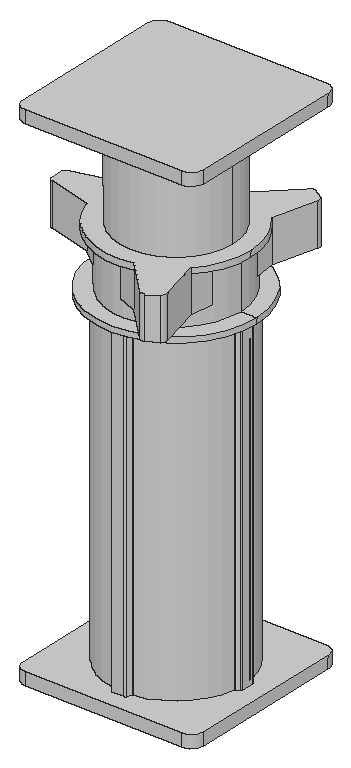
Revit family "EHL_ALUPROP SPINDLE_2220200", category Generic Models, Revit 2018
Family settings
  Can host rebar = No
  Round Connector Dimension = Use Diameter
  Part Type = Normal
  OmniClass Number = 35.51.14.00
  OmniClass Title = FORMWORK
  Work Plane-Based = Yes
  Always vertical = No
  Cut with Voids When Loaded = No
  Shared = Yes
  Room Calculation Point = No
Parameters
  VERSION = "20170217"  # constant formula
  URL = "www.ulmaconstruction.com/en"
  UNICLASS = ""
  Manufacturer = "ULMA CONSTRUCTION"  # constant formula
  ITEM_HEIGHT [instance] = if(HEIGHT < 356.000 mm, 365.000 mm, if(HEIGHT < 508.000 mm, HEIGHT, 508.000 mm))  # 430.000 mm
  ITEM_CODE = "2220200"
  HEIGHT [instance] = 430.000 mm
  FILTER [instance] = ""
  Default Elevation = 0.000 mm
  CLASSIFICATION_TITLE = ""
  CLASSIFICATION_NUMBER = ""
Reference planes
  plane 1 "Centro (Frontal/Posterior)": y = 0
  plane 2: z = 0
  plane 3 "Centro (Izquierda/Derecha)": x = 0
  plane 4: z = 85
  plane 5 "ITEM_HEIGHT": z = 430
  plane 6 "HEIGHT": z = 430
Forms (mm)
  Extrusion 1, solid, material "ULMA ZINC"
    sketch origin (0, 0, 0) x (1, 0, 0) y (0, 1, 0)
      loop
        arc (55.325, 8.668) -> (39.598, 39.598) -> (8.668, 55.325) r 56
        arc (8.668, 55.325) -> (8.221, 55.514) -> (7.916, 55.89) r 1
        line (7.916, 55.89) -> (6.404, 59.134)
        arc (6.404, 59.134) -> (5.85, 59.765) -> (5.044, 60) r 1.5
        line (5.044, 60) -> (-5.044, 60)
        arc (-5.044, 60) -> (-5.85, 59.765) -> (-6.404, 59.134) r 1.5
        line (-6.404, 59.134) -> (-7.916, 55.89)
        arc (-7.916, 55.89) -> (-8.221, 55.514) -> (-8.668, 55.325) r 1
        arc (-8.668, 55.325) -> (-39.598, 39.598) -> (-55.325, 8.668) r 56
        arc (-55.325, 8.668) -> (-55.514, 8.221) -> (-55.89, 7.916) r 1
        line (-55.89, 7.916) -> (-59.134, 6.404)
        arc (-59.134, 6.404) -> (-59.765, 5.85) -> (-60, 5.044) r 1.5
        line (-60, 5.044) -> (-60, -5.044)
        arc (-60, -5.044) -> (-59.765, -5.85) -> (-59.134, -6.404) r 1.5
        line (-59.134, -6.404) -> (-55.89, -7.916)
        arc (-55.89, -7.916) -> (-55.514, -8.221) -> (-55.325, -8.668) r 1
        arc (-55.325, -8.668) -> (-39.598, -39.598) -> (-8.668, -55.325) r 56
        arc (-8.668, -55.325) -> (-8.221, -55.514) -> (-7.916, -55.89) r 1
        line (-7.916, -55.89) -> (-6.404, -59.134)
        arc (-6.404, -59.134) -> (-5.85, -59.765) -> (-5.044, -60) r 1.5
        line (-5.044, -60) -> (5.044, -60)
        arc (5.044, -60) -> (5.85, -59.765) -> (6.404, -59.134) r 1.5
        line (6.404, -59.134) -> (7.916, -55.89)
        arc (7.916, -55.89) -> (8.221, -55.514) -> (8.668, -55.325) r 1
        arc (8.668, -55.325) -> (39.598, -39.598) -> (55.325, -8.668) r 56
        arc (55.325, -8.668) -> (55.514, -8.221) -> (55.89, -7.916) r 1
        line (55.89, -7.916) -> (59.134, -6.404)
        arc (59.134, -6.404) -> (59.765, -5.85) -> (60, -5.044) r 1.5
        line (60, -5.044) -> (60, 5.044)
        arc (60, 5.044) -> (59.765, 5.85) -> (59.134, 6.404) r 1.5
        line (59.134, 6.404) -> (55.89, 7.916)
        arc (55.89, 7.916) -> (55.514, 8.221) -> (55.325, 8.668) r 1
    from 10 to 284
  Extrusion 2, solid, material "ULMA ZINC"
    sketch origin (0, 0, 0) x (1, 0, 0) y (0, 1, 0)
      loop
        arc (-75, -65) -> (-72.071, -72.071) -> (-65, -75) r 10
        line (-65, -75) -> (65, -75)
        arc (65, -75) -> (72.071, -72.071) -> (75, -65) r 10
        line (75, -65) -> (75, 65)
        arc (75, 65) -> (72.071, 72.071) -> (65, 75) r 10
        line (65, 75) -> (-65, 75)
        arc (-65, 75) -> (-72.071, 72.071) -> (-75, 65) r 10
        line (-75, 65) -> (-75, -65)
    from 0 to 10
  Revolve 3, solid, material "ULMA ZINC", detail levels fine
    sketch origin (0, 0, 0) x (1, 0, 0) y (0, 0, 1)
      loop
        line (0, 336.998) -> (0, 284) -> (67.5, 284) -> (67.5, 288.3) -> (54, 288.3) -> (54, 332) -> (62.5, 332) -> (62.5, 336.998) -> (0, 336.998)
      axis (0, 336.998) -> (0, 284)
    angle from 0 to 360
  Extrusion 4, solid, material "ULMA ZINC", detail levels fine
    sketch origin (0, 0, 0) x (1, 0, 0) y (0, 1, 0)
      loop
        arc (-95.794, 8.993) -> (-98.072, 7.662) -> (-99.356, 5.356) r 5
        arc (-99.356, 5.356) -> (-99.5, 0) -> (-99.356, -5.356) r 99.5
        arc (-99.356, -5.356) -> (-98.072, -7.662) -> (-95.794, -8.993) r 5
        line (-95.794, -8.993) -> (-59.643, -18.68) -> (-44.612, -30.424) -> (-44.612, 30.427) -> (-59.642, 18.68) -> (-95.794, 8.993)
      loop
        line (13.645, 60.992) -> (-4.036, 53.849) -> (48.656, 23.421) -> (45.998, 42.312) -> (55.685, 78.464)
        arc (55.685, 78.464) -> (55.671, 81.102) -> (54.316, 83.367) r 5
        arc (54.316, 83.367) -> (49.75, 86.17) -> (45.04, 88.722) r 99.5
        arc (45.04, 88.722) -> (42.401, 88.764) -> (40.109, 87.457) r 5
        line (40.109, 87.457) -> (13.645, 60.992)
      loop
        line (45.999, -42.313) -> (48.656, -23.402) -> (-4.036, -53.849) -> (13.645, -60.992) -> (40.109, -87.457)
        arc (40.109, -87.457) -> (42.401, -88.764) -> (45.04, -88.722) r 5
        arc (45.04, -88.722) -> (49.75, -86.17) -> (54.316, -83.367) r 99.5
        arc (54.316, -83.367) -> (55.671, -81.102) -> (55.685, -78.464) r 5
        line (55.685, -78.464) -> (45.999, -42.313)
    from 302 to 336.998
  Extrusion 5, solid, material "ULMA ZINC"
    sketch origin (0, 0, 130) x (1, 0, 0) y (0, 1, 0)
      loop
        arc (-75, -65) -> (-72.071, -72.071) -> (-65, -75) r 10
        line (-65, -75) -> (65, -75)
        arc (65, -75) -> (72.071, -72.071) -> (75, -65) r 10
        line (75, -65) -> (75, 65)
        arc (75, 65) -> (72.071, 72.071) -> (65, 75) r 10
        line (65, 75) -> (-65, 75)
        arc (-65, 75) -> (-72.071, 72.071) -> (-75, 65) r 10
        line (-75, 65) -> (-75, -65)
    from 290 to 300
  Extrusion 6, solid, material "ULMA ZINC"
    sketch origin (0, 0, 0) x (1, 0, 0) y (0, 1, 0)
      loop
        circle (0, 0) r 47.5
    from 85 to 420
Cuts and joins
  joined: Revolve 3, Extrusion 4
Lines and regions (mm)
  model lines, style "ULMA ALUPROP", detail levels fine
    curve 1: circle (-58.362, 58.362, 0) r 6 normal (0, 0, 1)
    curve 2: circle (-25.831, 62.362, 0) r 6 normal (0, 0, 1)
    curve 3: circle (25.831, 62.362, 0) r 6 normal (0, 0, 1)
    curve 4: circle (58.362, 58.362, 0) r 6 normal (0, 0, 1)
    curve 5: circle (62.362, 25.831, 0) r 6 normal (0, 0, 1)
    curve 6: circle (62.362, -25.831, 0) r 6 normal (0, 0, 1)
    curve 7: circle (58.362, -58.362, 0) r 6 normal (0, 0, 1)
    curve 8: circle (25.831, -62.362, 0) r 6 normal (0, 0, 1)
    curve 9: circle (-25.831, -62.362, 0) r 6 normal (0, 0, 1)
    curve 10: circle (-58.362, -58.362, 0) r 6 normal (0, 0, 1)
    curve 11: circle (-62.362, -25.831, 0) r 6 normal (0, 0, 1)
    curve 12: circle (-62.362, 25.831, 0) r 6 normal (0, 0, 1)
    curve 13: circle (0, 0, 0) r 21 normal (0, 0, 1)
    curve 14: circle (-58.362, 58.362, 430) r 6 normal (0, 0, 1)
    curve 15: circle (-25.831, 62.362, 430) r 6 normal (0, 0, 1)
    curve 16: circle (25.831, 62.362, 430) r 6 normal (0, 0, 1)
    curve 17: circle (58.362, 58.362, 430) r 6 normal (0, 0, 1)
    curve 18: circle (62.362, 25.831, 430) r 6 normal (0, 0, 1)
    curve 19: circle (62.362, -25.831, 430) r 6 normal (0, 0, 1)
    curve 20: circle (58.362, -58.362, 430) r 6 normal (0, 0, 1)
    curve 21: circle (25.831, -62.362, 430) r 6 normal (0, 0, 1)
    curve 22: circle (-25.831, -62.362, 430) r 6 normal (0, 0, 1)
    curve 23: circle (-58.362, -58.362, 430) r 6 normal (0, 0, 1)
    curve 24: circle (-62.362, -25.831, 430) r 6 normal (0, 0, 1)
    curve 25: circle (-62.362, 25.831, 430) r 6 normal (0, 0, 1)
    curve 26: circle (0, 0, 430) r 21 normal (0, 0, 1)
    curve 27: circle (-58.362, 58.362, 10) r 6 normal (0, 0, 1)
    curve 28: circle (-25.831, 62.362, 10) r 6 normal (0, 0, 1)
    curve 29: circle (25.831, 62.362, 10) r 6 normal (0, 0, 1)
    curve 30: circle (58.362, 58.362, 10) r 6 normal (0, 0, 1)
    curve 31: circle (62.362, 25.831, 10) r 6 normal (0, 0, 1)
    curve 32: circle (62.362, -25.831, 10) r 6 normal (0, 0, 1)
    curve 33: circle (58.362, -58.362, 10) r 6 normal (0, 0, 1)
    curve 34: circle (25.831, -62.362, 10) r 6 normal (0, 0, 1)
    curve 35: circle (-25.831, -62.362, 10) r 6 normal (0, 0, 1)
    curve 36: circle (-58.362, -58.362, 10) r 6 normal (0, 0, 1)
    curve 37: circle (-62.362, -25.831, 10) r 6 normal (0, 0, 1)
    curve 38: circle (-62.362, 25.831, 10) r 6 normal (0, 0, 1)
    curve 39: circle (-58.362, 58.362, 420) r 6 normal (0, 0, 1)
    curve 40: circle (-25.831, 62.362, 420) r 6 normal (0, 0, 1)
    curve 41: circle (25.831, 62.362, 420) r 6 normal (0, 0, 1)
    curve 42: circle (58.362, 58.362, 420) r 6 normal (0, 0, 1)
    curve 43: circle (62.362, 25.831, 420) r 6 normal (0, 0, 1)
    curve 44: circle (62.362, -25.831, 420) r 6 normal (0, 0, 1)
    curve 45: circle (58.362, -58.362, 420) r 6 normal (0, 0, 1)
    curve 46: circle (25.831, -62.362, 420) r 6 normal (0, 0, 1)
    curve 47: circle (-25.831, -62.362, 420) r 6 normal (0, 0, 1)
    curve 48: circle (-58.362, -58.362, 420) r 6 normal (0, 0, 1)
    curve 49: circle (-62.362, -25.831, 420) r 6 normal (0, 0, 1)
    curve 50: circle (-62.362, 25.831, 420) r 6 normal (0, 0, 1)
    curve 51: circle (0, 0, 336.998) r 47.5 normal (0, 0, 1)
Dimensions and locks
  locked: plane 5 "ITEM_HEIGHT" to plane 4 at 345
  locked: plane 5 "ITEM_HEIGHT" to Extrusion 5 at 10
  "ITEM_HEIGHT": plane 5 "ITEM_HEIGHT" to level
  locked: cut or joined group of Revolve 3, Extrusion 4 to plane 2 at 336.998
  locked: Revolve 3 sketch curve to Revolve 3 sketch curve at 52.998
  "HEIGHT": plane 6 "HEIGHT" to plane 2
  aligned and locked: level to plane 2
  aligned and locked: plane 5 "ITEM_HEIGHT" to Extrusion 5
  aligned and locked: Extrusion 6 to Extrusion 5
  aligned and locked: Extrusion 6 to plane 4
Automatic sketch dimensions
  plane 1 "Centro (Frontal/Posterior)" to curve 13 = 0.000 mm
  curve 13 to plane 3 "Centro (Izquierda/Derecha)" = 0.000 mm
  curve 2 to plane 3 "Centro (Izquierda/Derecha)" = 25.831 mm
  curve 9 to plane 3 "Centro (Izquierda/Derecha)" = 25.831 mm
  curve 1 to curve 2 = 32.531 mm
  curve 10 to curve 9 = 32.531 mm
  curve 11 to curve 10 = 4.000 mm
  curve 12 to curve 1 = 4.000 mm
  plane 3 "Centro (Izquierda/Derecha)" to curve 3 = 25.831 mm
  plane 3 "Centro (Izquierda/Derecha)" to curve 8 = 25.831 mm
  curve 3 to curve 4 = 32.531 mm
  curve 8 to curve 7 = 32.531 mm
  curve 4 to curve 5 = 4.000 mm
  curve 7 to curve 6 = 4.000 mm
  plane 1 "Centro (Frontal/Posterior)" to curve 11 = 25.831 mm
  plane 1 "Centro (Frontal/Posterior)" to curve 6 = 25.831 mm
  curve 7 to curve 6 = 32.531 mm
  curve 10 to curve 11 = 32.531 mm
  curve 9 to curve 10 = 4.000 mm
  curve 8 to curve 7 = 4.000 mm
  curve 12 to plane 1 "Centro (Frontal/Posterior)" = 25.831 mm
  curve 5 to plane 1 "Centro (Frontal/Posterior)" = 25.831 mm
  curve 12 to curve 1 = 32.531 mm
  curve 5 to curve 4 = 32.531 mm
  curve 1 to curve 2 = 4.000 mm
  curve 4 to curve 3 = 4.000 mm
  Extrusion 1 sketch curve to Extrusion 1 sketch curve = 0.000 mm  (x20)
  plane 1 "Centro (Frontal/Posterior)" to Extrusion 1 sketch curve = 0.000 mm
  Extrusion 1 sketch curve to plane 3 "Centro (Izquierda/Derecha)" = 0.000 mm
  Extrusion 1 sketch curve to plane 3 "Centro (Izquierda/Derecha)" = 5.044 mm  (x2)
  Extrusion 1 sketch curve to Extrusion 1 sketch curve = 1.359 mm  (x4)
  Extrusion 1 sketch curve to Extrusion 1 sketch curve = 1.512 mm  (x4)
  Extrusion 1 sketch curve to Extrusion 1 sketch curve = 0.906 mm  (x8)
  plane 1 "Centro (Frontal/Posterior)" to Extrusion 1 sketch curve = 7.916 mm  (x2)
  Extrusion 1 sketch curve to plane 3 "Centro (Izquierda/Derecha)" = 55.890 mm
  Extrusion 1 sketch curve to plane 1 "Centro (Frontal/Posterior)" = 7.916 mm  (x2)
  Extrusion 1 sketch curve to Extrusion 1 sketch curve = 0.423 mm  (x8)
  Extrusion 1 sketch curve to Extrusion 1 sketch curve = 2.610 mm  (x8)
  Extrusion 1 sketch curve to plane 1 "Centro (Frontal/Posterior)" = 6.404 mm  (x2)
  Extrusion 1 sketch curve to Extrusion 1 sketch curve = 0.634 mm  (x6)
  plane 1 "Centro (Frontal/Posterior)" to Extrusion 1 sketch curve = 6.404 mm  (x2)
  Extrusion 1 sketch curve to Extrusion 1 sketch curve = 1.500 mm  (x2)
  plane 3 "Centro (Izquierda/Derecha)" to Extrusion 1 sketch curve = 5.044 mm  (x2)
  plane 3 "Centro (Izquierda/Derecha)" to Extrusion 1 sketch curve = 55.890 mm
  plane 1 "Centro (Frontal/Posterior)" to Extrusion 1 sketch curve = 55.890 mm
  Extrusion 1 sketch curve to plane 1 "Centro (Frontal/Posterior)" = 55.890 mm
  Extrusion 2 sketch curve to plane 3 "Centro (Izquierda/Derecha)" = 75.000 mm
  Extrusion 2 sketch curve to Extrusion 2 sketch curve = 10.000 mm  (x3)
  plane 3 "Centro (Izquierda/Derecha)" to Extrusion 2 sketch curve = 65.000 mm  (x2)
  plane 1 "Centro (Frontal/Posterior)" to Extrusion 2 sketch curve = 75.000 mm
  Extrusion 2 sketch curve to plane 1 "Centro (Frontal/Posterior)" = 65.000 mm
  Revolve 3 sketch curve to plane 3 "Centro (Izquierda/Derecha)" = 0.000 mm  (x2)
  plane 3 "Centro (Izquierda/Derecha)" to Revolve 3 sketch curve = 54.000 mm
  Revolve 3 sketch curve to Revolve 3 sketch curve = 8.500 mm
  Revolve 3 sketch curve to Revolve 3 sketch curve = 13.500 mm
  plane 4 to Revolve 3 sketch curve = 199.000 mm
  Revolve 3 sketch curve to Revolve 3 sketch curve = 4.300 mm
  Revolve 3 sketch curve to Revolve 3 sketch curve = 4.998 mm
  Revolve 3 sketch curve to Revolve 3 sketch curve = 0.000 mm  (x2)
  Extrusion 4 sketch curve to Extrusion 4 sketch curve = 0.000 mm  (x7)
  plane 1 "Centro (Frontal/Posterior)" to Extrusion 4 sketch curve = 0.000 mm
  Extrusion 4 sketch curve to plane 3 "Centro (Izquierda/Derecha)" = 0.000 mm
  Extrusion 4 sketch curve to plane 3 "Centro (Izquierda/Derecha)" = 4.036 mm  (x2)
  Extrusion 4 sketch curve to plane 3 "Centro (Izquierda/Derecha)" = 44.612 mm
  Extrusion 4 sketch curve to plane 1 "Centro (Frontal/Posterior)" = 18.680 mm
  Extrusion 4 sketch curve to Extrusion 4 sketch curve = 15.031 mm
  plane 1 "Centro (Frontal/Posterior)" to Extrusion 4 sketch curve = 18.680 mm
  Extrusion 4 sketch curve to Extrusion 4 sketch curve = 15.032 mm
  plane 1 "Centro (Frontal/Posterior)" to Extrusion 4 sketch curve = 4.163 mm
  Extrusion 4 sketch curve to Extrusion 4 sketch curve = 34.857 mm
  Extrusion 4 sketch curve to plane 1 "Centro (Frontal/Posterior)" = 4.163 mm
  Extrusion 4 sketch curve to plane 1 "Centro (Frontal/Posterior)" = 8.993 mm
  Extrusion 4 sketch curve to Extrusion 4 sketch curve = 1.294 mm  (x4)
  plane 1 "Centro (Frontal/Posterior)" to Extrusion 4 sketch curve = 8.993 mm
  plane 3 "Centro (Izquierda/Derecha)" to Extrusion 4 sketch curve = 13.645 mm  (x2)
  Extrusion 4 sketch curve to Extrusion 4 sketch curve = 26.464 mm  (x2)
  Extrusion 4 sketch curve to Extrusion 4 sketch curve = 3.536 mm  (x4)
  Extrusion 4 sketch curve to Extrusion 4 sketch curve = 32.354 mm  (x2)
  Extrusion 4 sketch curve to plane 1 "Centro (Frontal/Posterior)" = 23.421 mm
  Extrusion 4 sketch curve to Extrusion 4 sketch curve = 2.658 mm  (x2)
  plane 1 "Centro (Frontal/Posterior)" to Extrusion 4 sketch curve = 23.402 mm
  Extrusion 4 sketch curve to Extrusion 4 sketch curve = 7.211 mm  (x2)
  Extrusion 4 sketch curve to Extrusion 4 sketch curve = 4.830 mm  (x2)
  Extrusion 4 sketch curve to Extrusion 4 sketch curve = 11.744 mm
  Extrusion 4 sketch curve to Extrusion 4 sketch curve = 18.910 mm
  Extrusion 4 sketch curve to Extrusion 4 sketch curve = 23.425 mm
  Extrusion 4 sketch curve to Extrusion 4 sketch curve = 7.143 mm  (x2)
  Extrusion 4 sketch curve to Extrusion 4 sketch curve = 36.151 mm
  Extrusion 4 sketch curve to Extrusion 4 sketch curve = 4.163 mm  (x2)
  Extrusion 4 sketch curve to Extrusion 4 sketch curve = 11.747 mm
  Extrusion 4 sketch curve to Extrusion 4 sketch curve = 18.891 mm
  Extrusion 4 sketch curve to Extrusion 4 sketch curve = 23.422 mm
  Extrusion 4 sketch curve to Extrusion 4 sketch curve = 36.152 mm
  Extrusion 4 sketch curve to Extrusion 4 sketch curve = 4.856 mm
  Extrusion 4 sketch curve to Extrusion 4 sketch curve = 1.395 mm  (x2)
  Extrusion 5 sketch curve to plane 3 "Centro (Izquierda/Derecha)" = 75.000 mm
  Extrusion 5 sketch curve to Extrusion 5 sketch curve = 10.000 mm  (x3)
  plane 3 "Centro (Izquierda/Derecha)" to Extrusion 5 sketch curve = 65.000 mm  (x2)
  plane 1 "Centro (Frontal/Posterior)" to Extrusion 5 sketch curve = 75.000 mm
  Extrusion 5 sketch curve to plane 1 "Centro (Frontal/Posterior)" = 65.000 mm
  plane 1 "Centro (Frontal/Posterior)" to Extrusion 6 sketch curve = 0.000 mm
  Extrusion 6 sketch curve to plane 3 "Centro (Izquierda/Derecha)" = 0.000 mm
  curve 25 to Extrusion 5 = 12.638 mm
  curve 24 to Extrusion 5 = 12.638 mm
  curve 23 to Extrusion 5 = 16.638 mm  (x2)
  curve 14 to Extrusion 5 = 16.638 mm  (x2)
  curve 22 to Extrusion 5 = 12.638 mm
  curve 23 to curve 22 = 32.531 mm
  curve 15 to Extrusion 5 = 12.638 mm
  curve 14 to curve 15 = 32.531 mm
  curve 15 to curve 26 = 25.831 mm
  curve 16 to Extrusion 5 = 12.638 mm
  curve 16 to Extrusion 5 = 49.169 mm
  curve 21 to Extrusion 5 = 12.638 mm
  curve 21 to Extrusion 5 = 49.169 mm
  curve 17 to Extrusion 5 = 16.638 mm  (x2)
  curve 20 to Extrusion 5 = 16.638 mm  (x2)
  curve 18 to Extrusion 5 = 12.638 mm
  curve 19 to Extrusion 5 = 12.638 mm
  curve 20 to curve 19 = 32.531 mm
  curve 23 to curve 24 = 32.531 mm
  curve 26 to curve 16 = 62.362 mm
  curve 25 to Extrusion 5 = 49.169 mm
  curve 18 to Extrusion 5 = 49.169 mm
  curve 37 to Extrusion 2 = 12.638 mm
  curve 38 to Extrusion 2 = 12.638 mm
  curve 36 to Extrusion 2 = 16.638 mm  (x2)
  curve 27 to Extrusion 2 = 16.638 mm  (x2)
  curve 28 to Extrusion 2 = 12.638 mm
  curve 27 to curve 28 = 32.531 mm
  curve 35 to Extrusion 2 = 12.638 mm
  curve 36 to curve 35 = 32.531 mm
  curve 34 to Extrusion 2 = 12.638 mm
  curve 34 to Extrusion 2 = 49.169 mm
  curve 29 to Extrusion 2 = 12.638 mm
  curve 29 to Extrusion 2 = 49.169 mm
  curve 30 to Extrusion 2 = 16.638 mm  (x2)
  curve 33 to Extrusion 2 = 16.638 mm  (x2)
  curve 32 to Extrusion 2 = 12.638 mm
  curve 31 to Extrusion 2 = 12.638 mm
  curve 33 to curve 32 = 32.531 mm
  curve 36 to curve 37 = 32.531 mm
  curve 38 to Extrusion 2 = 49.169 mm
  curve 31 to Extrusion 2 = 49.169 mm
  Extrusion 5 to curve 49 = 12.638 mm
  Extrusion 5 to curve 50 = 12.638 mm
  Extrusion 5 to curve 48 = 16.638 mm  (x2)
  Extrusion 5 to curve 39 = 16.638 mm  (x2)
  Extrusion 5 to curve 40 = 12.638 mm
  curve 39 to curve 40 = 32.531 mm
  Extrusion 5 to curve 47 = 12.638 mm
  curve 48 to curve 47 = 32.531 mm
  Extrusion 5 to curve 46 = 12.638 mm
  Extrusion 5 to curve 46 = 49.169 mm
  Extrusion 5 to curve 41 = 12.638 mm
  Extrusion 5 to curve 41 = 49.169 mm
  Extrusion 5 to curve 42 = 16.638 mm  (x2)
  Extrusion 5 to curve 45 = 16.638 mm  (x2)
  Extrusion 5 to curve 44 = 12.638 mm
  Extrusion 5 to curve 43 = 12.638 mm
  curve 45 to curve 44 = 32.531 mm
  curve 48 to curve 49 = 32.531 mm
  Extrusion 5 to curve 50 = 49.169 mm
  Extrusion 5 to curve 43 = 49.169 mm
  radius of curve 1 = 6.000 mm
  radius of curve 2 = 6.000 mm
  radius of curve 3 = 6.000 mm
  radius of curve 4 = 6.000 mm
  radius of curve 5 = 6.000 mm
  radius of curve 6 = 6.000 mm
  radius of curve 7 = 6.000 mm
  radius of curve 8 = 6.000 mm
  radius of curve 9 = 6.000 mm
  radius of curve 10 = 6.000 mm
  radius of curve 11 = 6.000 mm
  radius of curve 12 = 6.000 mm
  radius of curve 13 = 21.000 mm
  radius of Extrusion 6 sketch curve = 47.500 mm
  radius of curve 14 = 6.000 mm
  radius of curve 15 = 6.000 mm
  radius of curve 16 = 6.000 mm
  radius of curve 17 = 6.000 mm
  radius of curve 18 = 6.000 mm
  radius of curve 19 = 6.000 mm
  radius of curve 20 = 6.000 mm
  radius of curve 21 = 6.000 mm
  radius of curve 22 = 6.000 mm
  radius of curve 23 = 6.000 mm
  radius of curve 24 = 6.000 mm
  radius of curve 25 = 6.000 mm
  radius of curve 26 = 21.000 mm
  radius of curve 27 = 6.000 mm
  radius of curve 28 = 6.000 mm
  radius of curve 29 = 6.000 mm
  radius of curve 30 = 6.000 mm
  radius of curve 31 = 6.000 mm
  radius of curve 32 = 6.000 mm
  radius of curve 33 = 6.000 mm
  radius of curve 34 = 6.000 mm
  radius of curve 35 = 6.000 mm
  radius of curve 36 = 6.000 mm
  radius of curve 37 = 6.000 mm
  radius of curve 38 = 6.000 mm
  radius of curve 39 = 6.000 mm
  radius of curve 40 = 6.000 mm
  radius of curve 41 = 6.000 mm
  radius of curve 42 = 6.000 mm
  radius of curve 43 = 6.000 mm
  radius of curve 44 = 6.000 mm
  radius of curve 45 = 6.000 mm
  radius of curve 46 = 6.000 mm
  radius of curve 47 = 6.000 mm
  radius of curve 48 = 6.000 mm
  radius of curve 49 = 6.000 mm
  radius of curve 50 = 6.000 mm
  radius of curve 51 to Revolve 3 = 15.000 mm
